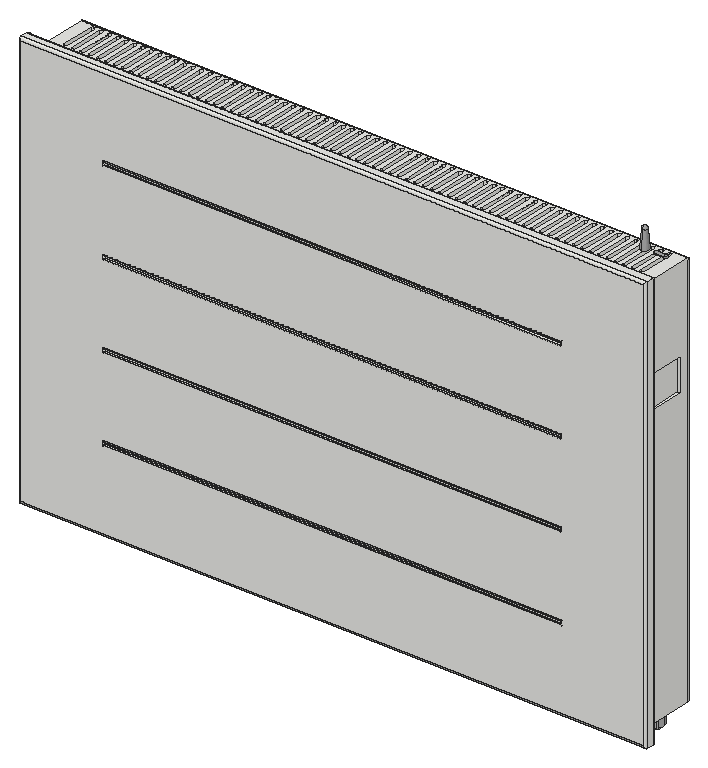
Revit family "SUBLIME RF_0750", category Generic Models, Revit 2018 (continued)
Automatic sketch dimensions
  Extrusion 70 sketch curve to Extrusion 70 sketch curve = 40 mm
  Extrusion 71 sketch curve to Extrusion 71 sketch curve = 2.5 mm
  Extrusion 71 sketch curve to Extrusion 71 sketch curve = 40 mm
  Extrusion 72 sketch curve to Extrusion 72 sketch curve = 2.5 mm
  Extrusion 72 sketch curve to Extrusion 72 sketch curve = 40 mm
  Extrusion 73 sketch curve to Extrusion 73 sketch curve = 2.5 mm
  Extrusion 73 sketch curve to Extrusion 73 sketch curve = 40 mm
  Extrusion 74 sketch curve to Extrusion 74 sketch curve = 2.5 mm
  Extrusion 74 sketch curve to Extrusion 74 sketch curve = 40 mm
  Extrusion 75 sketch curve to Extrusion 75 sketch curve = 2.5 mm
  Extrusion 75 sketch curve to Extrusion 75 sketch curve = 40 mm
  Extrusion 76 sketch curve to Extrusion 76 sketch curve = 2.5 mm
  Extrusion 76 sketch curve to Extrusion 76 sketch curve = 40 mm
  Extrusion 77 sketch curve to Extrusion 77 sketch curve = 2.5 mm
  Extrusion 77 sketch curve to Extrusion 77 sketch curve = 40 mm
  Extrusion 78 sketch curve to Extrusion 78 sketch curve = 2.5 mm
  Extrusion 78 sketch curve to Extrusion 78 sketch curve = 40 mm
  Extrusion 79 sketch curve to Extrusion 79 sketch curve = 2.5 mm
  Extrusion 79 sketch curve to Extrusion 79 sketch curve = 40 mm
  Extrusion 80 sketch curve to Extrusion 80 sketch curve = 2.5 mm
  Extrusion 80 sketch curve to Extrusion 80 sketch curve = 40 mm
  Extrusion 81 sketch curve to Extrusion 81 sketch curve = 2.5 mm
  Extrusion 81 sketch curve to Extrusion 81 sketch curve = 40 mm
  Extrusion 82 sketch curve to Extrusion 82 sketch curve = 2.5 mm
  Extrusion 82 sketch curve to Extrusion 82 sketch curve = 40 mm
  Extrusion 83 sketch curve to Extrusion 83 sketch curve = 2.5 mm
  Extrusion 83 sketch curve to Extrusion 83 sketch curve = 40 mm
  Extrusion 84 sketch curve to Extrusion 84 sketch curve = 2.5 mm
  Extrusion 84 sketch curve to Extrusion 84 sketch curve = 40 mm
  Extrusion 85 sketch curve to Extrusion 85 sketch curve = 2.5 mm
  Extrusion 85 sketch curve to Extrusion 85 sketch curve = 40 mm
  Extrusion 86 sketch curve to Extrusion 86 sketch curve = 2.5 mm
  Extrusion 86 sketch curve to Extrusion 86 sketch curve = 40 mm
  Extrusion 87 sketch curve to Extrusion 87 sketch curve = 2.5 mm
  Extrusion 87 sketch curve to Extrusion 87 sketch curve = 40 mm
  Extrusion 88 sketch curve to Extrusion 88 sketch curve = 2.5 mm
  Extrusion 88 sketch curve to Extrusion 88 sketch curve = 40 mm
  Extrusion 89 sketch curve to Extrusion 89 sketch curve = 2.5 mm
  Extrusion 89 sketch curve to Extrusion 89 sketch curve = 40 mm
  Extrusion 90 sketch curve to Extrusion 90 sketch curve = 2.5 mm
  Extrusion 90 sketch curve to Extrusion 90 sketch curve = 40 mm
  Extrusion 91 sketch curve to Extrusion 91 sketch curve = 2.5 mm
  Extrusion 91 sketch curve to Extrusion 91 sketch curve = 40 mm
  Extrusion 92 sketch curve to Extrusion 92 sketch curve = 2.5 mm
  Extrusion 92 sketch curve to Extrusion 92 sketch curve = 40 mm
  Extrusion 93 sketch curve to Extrusion 93 sketch curve = 2.5 mm
  Extrusion 93 sketch curve to Extrusion 93 sketch curve = 40 mm
  Extrusion 94 sketch curve to Extrusion 94 sketch curve = 2.5 mm
  Extrusion 94 sketch curve to Extrusion 94 sketch curve = 40 mm
  Extrusion 95 sketch curve to Extrusion 95 sketch curve = 2.5 mm
  Extrusion 95 sketch curve to Extrusion 95 sketch curve = 40 mm
  Extrusion 96 sketch curve to Extrusion 96 sketch curve = 2.5 mm
  Extrusion 96 sketch curve to Extrusion 96 sketch curve = 40 mm
  Extrusion 97 sketch curve to Extrusion 97 sketch curve = 2.5 mm
  Extrusion 97 sketch curve to Extrusion 97 sketch curve = 40 mm
  Extrusion 98 sketch curve to Extrusion 98 sketch curve = 2.5 mm
  Extrusion 98 sketch curve to Extrusion 98 sketch curve = 40 mm
  Extrusion 99 sketch curve to Extrusion 99 sketch curve = 2.5 mm
  Extrusion 99 sketch curve to Extrusion 99 sketch curve = 40 mm
  Extrusion 100 sketch curve to Extrusion 100 sketch curve = 2.5 mm
  Extrusion 100 sketch curve to Extrusion 100 sketch curve = 40 mm
  Extrusion 101 sketch curve to Extrusion 101 sketch curve = 2.5 mm
  Extrusion 101 sketch curve to Extrusion 101 sketch curve = 40 mm
  Extrusion 102 sketch curve to Extrusion 102 sketch curve = 2.5 mm
  Extrusion 102 sketch curve to Extrusion 102 sketch curve = 40 mm
  Extrusion 30 sketch curve to Extrusion 30 sketch curve = 21.5 mm
  Extrusion 103 sketch curve to Extrusion 103 sketch curve = 2.5 mm
  Extrusion 103 sketch curve to Extrusion 103 sketch curve = 20 mm
  Extrusion 104 sketch curve to Extrusion 104 sketch curve = 2.5 mm
  Extrusion 104 sketch curve to Extrusion 104 sketch curve = 21.5 mm
  Extrusion 105 sketch curve to Extrusion 105 sketch curve = 2.5 mm
  Extrusion 105 sketch curve to Extrusion 105 sketch curve = 20 mm
  Extrusion 106 sketch curve to Extrusion 106 sketch curve = 2.5 mm
  Extrusion 106 sketch curve to Extrusion 106 sketch curve = 21.5 mm
  Extrusion 107 sketch curve to Extrusion 107 sketch curve = 2.5 mm
  Extrusion 107 sketch curve to Extrusion 107 sketch curve = 20 mm
  Extrusion 108 sketch curve to Extrusion 108 sketch curve = 2.5 mm
  Extrusion 108 sketch curve to Extrusion 108 sketch curve = 21.5 mm
  Extrusion 109 sketch curve to Extrusion 109 sketch curve = 2.5 mm
  Extrusion 109 sketch curve to Extrusion 109 sketch curve = 20 mm
  Extrusion 110 sketch curve to Extrusion 110 sketch curve = 2.5 mm
  Extrusion 110 sketch curve to Extrusion 110 sketch curve = 21.5 mm
  Extrusion 111 sketch curve to Extrusion 111 sketch curve = 2.5 mm
  Extrusion 111 sketch curve to Extrusion 111 sketch curve = 20 mm
  Extrusion 112 sketch curve to Extrusion 112 sketch curve = 2.5 mm
  Extrusion 112 sketch curve to Extrusion 112 sketch curve = 21.5 mm
  Extrusion 113 sketch curve to Extrusion 113 sketch curve = 2.5 mm
  Extrusion 113 sketch curve to Extrusion 113 sketch curve = 20 mm
  Extrusion 114 sketch curve to Extrusion 114 sketch curve = 2.5 mm
  Extrusion 114 sketch curve to Extrusion 114 sketch curve = 21.5 mm
  Extrusion 115 sketch curve to Extrusion 115 sketch curve = 2.5 mm
  Extrusion 115 sketch curve to Extrusion 115 sketch curve = 20 mm
  Extrusion 116 sketch curve to Extrusion 116 sketch curve = 2.5 mm
  Extrusion 116 sketch curve to Extrusion 116 sketch curve = 21.5 mm
  Extrusion 117 sketch curve to Extrusion 117 sketch curve = 2.5 mm
  Extrusion 117 sketch curve to Extrusion 117 sketch curve = 20 mm
  Extrusion 118 sketch curve to Extrusion 118 sketch curve = 2.5 mm
  Extrusion 118 sketch curve to Extrusion 118 sketch curve = 21.5 mm
  Extrusion 119 sketch curve to Extrusion 119 sketch curve = 2.5 mm
  Extrusion 119 sketch curve to Extrusion 119 sketch curve = 20 mm
  Extrusion 120 sketch curve to Extrusion 120 sketch curve = 2.5 mm
  Extrusion 120 sketch curve to Extrusion 120 sketch curve = 21.5 mm
  Extrusion 121 sketch curve to Extrusion 121 sketch curve = 2.5 mm
  Extrusion 121 sketch curve to Extrusion 121 sketch curve = 20 mm
  Extrusion 122 sketch curve to Extrusion 122 sketch curve = 2.5 mm
  Extrusion 122 sketch curve to Extrusion 122 sketch curve = 21.5 mm
  Extrusion 123 sketch curve to Extrusion 123 sketch curve = 2.5 mm
  Extrusion 123 sketch curve to Extrusion 123 sketch curve = 20 mm
  Extrusion 124 sketch curve to Extrusion 124 sketch curve = 2.5 mm
  Extrusion 124 sketch curve to Extrusion 124 sketch curve = 21.5 mm
  Extrusion 125 sketch curve to Extrusion 125 sketch curve = 2.5 mm
  Extrusion 125 sketch curve to Extrusion 125 sketch curve = 20 mm
  Extrusion 126 sketch curve to Extrusion 126 sketch curve = 2.5 mm
  Extrusion 126 sketch curve to Extrusion 126 sketch curve = 21.5 mm
  Extrusion 127 sketch curve to Extrusion 127 sketch curve = 2.5 mm
  Extrusion 127 sketch curve to Extrusion 127 sketch curve = 20 mm
  Extrusion 128 sketch curve to Extrusion 128 sketch curve = 2.5 mm
  Extrusion 128 sketch curve to Extrusion 128 sketch curve = 21.5 mm
  Extrusion 129 sketch curve to Extrusion 129 sketch curve = 2.5 mm
  Extrusion 129 sketch curve to Extrusion 129 sketch curve = 20 mm
  Extrusion 130 sketch curve to Extrusion 130 sketch curve = 2.5 mm
  Extrusion 130 sketch curve to Extrusion 130 sketch curve = 21.5 mm
  Extrusion 131 sketch curve to Extrusion 131 sketch curve = 2.5 mm
  Extrusion 131 sketch curve to Extrusion 131 sketch curve = 20 mm
  Extrusion 132 sketch curve to Extrusion 132 sketch curve = 2.5 mm
  Extrusion 132 sketch curve to Extrusion 132 sketch curve = 21.5 mm
  Extrusion 133 sketch curve to Extrusion 133 sketch curve = 2.5 mm
  Extrusion 133 sketch curve to Extrusion 133 sketch curve = 20 mm
  Extrusion 134 sketch curve to Extrusion 134 sketch curve = 2.5 mm
  Extrusion 134 sketch curve to Extrusion 134 sketch curve = 21.5 mm
  Extrusion 135 sketch curve to Extrusion 135 sketch curve = 2.5 mm
  Extrusion 135 sketch curve to Extrusion 135 sketch curve = 20 mm
  Extrusion 136 sketch curve to Extrusion 136 sketch curve = 2.5 mm
  Extrusion 136 sketch curve to Extrusion 136 sketch curve = 21.5 mm
  Extrusion 137 sketch curve to Extrusion 137 sketch curve = 2.5 mm
  Extrusion 137 sketch curve to Extrusion 137 sketch curve = 20 mm
  Extrusion 138 sketch curve to Extrusion 138 sketch curve = 2.5 mm
  Extrusion 138 sketch curve to Extrusion 138 sketch curve = 21.5 mm
  Extrusion 139 sketch curve to Extrusion 139 sketch curve = 2.5 mm
  Extrusion 139 sketch curve to Extrusion 139 sketch curve = 20 mm
  Extrusion 140 sketch curve to Extrusion 140 sketch curve = 2.5 mm
  Extrusion 140 sketch curve to Extrusion 140 sketch curve = 21.5 mm
  Extrusion 141 sketch curve to Extrusion 141 sketch curve = 2.5 mm
  Extrusion 141 sketch curve to Extrusion 141 sketch curve = 20 mm
  Extrusion 142 sketch curve to Extrusion 142 sketch curve = 2.5 mm
  Extrusion 142 sketch curve to Extrusion 142 sketch curve = 21.5 mm
  Extrusion 143 sketch curve to Extrusion 143 sketch curve = 2.5 mm
  Extrusion 143 sketch curve to Extrusion 143 sketch curve = 20 mm
  Extrusion 144 sketch curve to Extrusion 144 sketch curve = 2.5 mm
  Extrusion 144 sketch curve to Extrusion 144 sketch curve = 21.5 mm
  Extrusion 145 sketch curve to Extrusion 145 sketch curve = 2.5 mm
  Extrusion 145 sketch curve to Extrusion 145 sketch curve = 20 mm
  Extrusion 146 sketch curve to Extrusion 146 sketch curve = 2.5 mm
  Extrusion 146 sketch curve to Extrusion 146 sketch curve = 21.5 mm
  Extrusion 147 sketch curve to Extrusion 147 sketch curve = 2.5 mm
  Extrusion 147 sketch curve to Extrusion 147 sketch curve = 20 mm
  Extrusion 148 sketch curve to Extrusion 148 sketch curve = 2.5 mm
  Extrusion 148 sketch curve to Extrusion 148 sketch curve = 21.5 mm
  Extrusion 26 sketch curve to Extrusion 26 sketch curve = 21.5 mm
  Extrusion 149 sketch curve to Extrusion 149 sketch curve = 2.5 mm
  Extrusion 149 sketch curve to Extrusion 149 sketch curve = 20 mm
  Extrusion 150 sketch curve to Extrusion 150 sketch curve = 2.5 mm
  Extrusion 150 sketch curve to Extrusion 150 sketch curve = 21.5 mm
  Extrusion 151 sketch curve to Extrusion 151 sketch curve = 2.5 mm
  Extrusion 151 sketch curve to Extrusion 151 sketch curve = 20 mm
  Extrusion 152 sketch curve to Extrusion 152 sketch curve = 2.5 mm
  Extrusion 152 sketch curve to Extrusion 152 sketch curve = 21.5 mm
  Extrusion 153 sketch curve to Extrusion 153 sketch curve = 2.5 mm
  Extrusion 153 sketch curve to Extrusion 153 sketch curve = 20 mm
  Extrusion 154 sketch curve to Extrusion 154 sketch curve = 2.5 mm
  Extrusion 154 sketch curve to Extrusion 154 sketch curve = 21.5 mm
  Extrusion 155 sketch curve to Extrusion 155 sketch curve = 2.5 mm
  Extrusion 155 sketch curve to Extrusion 155 sketch curve = 20 mm
  Extrusion 156 sketch curve to Extrusion 156 sketch curve = 2.5 mm
  Extrusion 156 sketch curve to Extrusion 156 sketch curve = 21.5 mm
  Extrusion 157 sketch curve to Extrusion 157 sketch curve = 2.5 mm
  Extrusion 157 sketch curve to Extrusion 157 sketch curve = 20 mm
  Extrusion 158 sketch curve to Extrusion 158 sketch curve = 2.5 mm
  Extrusion 158 sketch curve to Extrusion 158 sketch curve = 21.5 mm
  Extrusion 159 sketch curve to Extrusion 159 sketch curve = 2.5 mm
  Extrusion 159 sketch curve to Extrusion 159 sketch curve = 20 mm
  Extrusion 160 sketch curve to Extrusion 160 sketch curve = 2.5 mm
  Extrusion 160 sketch curve to Extrusion 160 sketch curve = 21.5 mm
  Extrusion 161 sketch curve to Extrusion 161 sketch curve = 2.5 mm
  Extrusion 161 sketch curve to Extrusion 161 sketch curve = 20 mm
  Extrusion 162 sketch curve to Extrusion 162 sketch curve = 2.5 mm
  Extrusion 162 sketch curve to Extrusion 162 sketch curve = 21.5 mm
  Extrusion 163 sketch curve to Extrusion 163 sketch curve = 2.5 mm
  Extrusion 163 sketch curve to Extrusion 163 sketch curve = 20 mm
  Extrusion 164 sketch curve to Extrusion 164 sketch curve = 2.5 mm
  Extrusion 164 sketch curve to Extrusion 164 sketch curve = 21.5 mm
  Extrusion 165 sketch curve to Extrusion 165 sketch curve = 2.5 mm
  Extrusion 165 sketch curve to Extrusion 165 sketch curve = 20 mm
  Extrusion 166 sketch curve to Extrusion 166 sketch curve = 2.5 mm
  Extrusion 166 sketch curve to Extrusion 166 sketch curve = 21.5 mm
  Extrusion 167 sketch curve to Extrusion 167 sketch curve = 2.5 mm
  Extrusion 167 sketch curve to Extrusion 167 sketch curve = 20 mm
  Extrusion 168 sketch curve to Extrusion 168 sketch curve = 2.5 mm
  Extrusion 168 sketch curve to Extrusion 168 sketch curve = 21.5 mm
  Extrusion 169 sketch curve to Extrusion 169 sketch curve = 2.5 mm
  Extrusion 169 sketch curve to Extrusion 169 sketch curve = 20 mm
  Extrusion 170 sketch curve to Extrusion 170 sketch curve = 2.5 mm
  Extrusion 170 sketch curve to Extrusion 170 sketch curve = 21.5 mm
  Extrusion 171 sketch curve to Extrusion 171 sketch curve = 2.5 mm
  Extrusion 171 sketch curve to Extrusion 171 sketch curve = 20 mm
  Extrusion 172 sketch curve to Extrusion 172 sketch curve = 2.5 mm
  Extrusion 172 sketch curve to Extrusion 172 sketch curve = 21.5 mm
  Extrusion 173 sketch curve to Extrusion 173 sketch curve = 2.5 mm
  Extrusion 173 sketch curve to Extrusion 173 sketch curve = 20 mm
  Extrusion 174 sketch curve to Extrusion 174 sketch curve = 2.5 mm
  Extrusion 174 sketch curve to Extrusion 174 sketch curve = 21.5 mm
  Extrusion 175 sketch curve to Extrusion 175 sketch curve = 2.5 mm
  Extrusion 175 sketch curve to Extrusion 175 sketch curve = 20 mm
  Extrusion 176 sketch curve to Extrusion 176 sketch curve = 2.5 mm
  Extrusion 176 sketch curve to Extrusion 176 sketch curve = 21.5 mm
  Extrusion 177 sketch curve to Extrusion 177 sketch curve = 2.5 mm
  Extrusion 177 sketch curve to Extrusion 177 sketch curve = 20 mm
  Extrusion 178 sketch curve to Extrusion 178 sketch curve = 2.5 mm
  Extrusion 178 sketch curve to Extrusion 178 sketch curve = 21.5 mm
  Extrusion 179 sketch curve to Extrusion 179 sketch curve = 2.5 mm
  Extrusion 179 sketch curve to Extrusion 179 sketch curve = 20 mm
  Extrusion 180 sketch curve to Extrusion 180 sketch curve = 2.5 mm
  Extrusion 180 sketch curve to Extrusion 180 sketch curve = 21.5 mm
  Extrusion 181 sketch curve to Extrusion 181 sketch curve = 2.5 mm
  Extrusion 181 sketch curve to Extrusion 181 sketch curve = 20 mm
  Extrusion 182 sketch curve to Extrusion 182 sketch curve = 2.5 mm
  Extrusion 182 sketch curve to Extrusion 182 sketch curve = 21.5 mm
  Extrusion 183 sketch curve to Extrusion 183 sketch curve = 2.5 mm
  Extrusion 183 sketch curve to Extrusion 183 sketch curve = 20 mm
  Extrusion 184 sketch curve to Extrusion 184 sketch curve = 2.5 mm
  Extrusion 184 sketch curve to Extrusion 184 sketch curve = 21.5 mm
  Extrusion 185 sketch curve to Extrusion 185 sketch curve = 2.5 mm
  Extrusion 185 sketch curve to Extrusion 185 sketch curve = 20 mm
  Extrusion 186 sketch curve to Extrusion 186 sketch curve = 2.5 mm
  Extrusion 186 sketch curve to Extrusion 186 sketch curve = 21.5 mm
  Extrusion 187 sketch curve to Extrusion 187 sketch curve = 2.5 mm
  Extrusion 187 sketch curve to Extrusion 187 sketch curve = 20 mm
  Extrusion 188 sketch curve to Extrusion 188 sketch curve = 2.5 mm
  Extrusion 188 sketch curve to Extrusion 188 sketch curve = 21.5 mm
  Extrusion 189 sketch curve to Extrusion 189 sketch curve = 2.5 mm
  Extrusion 189 sketch curve to Extrusion 189 sketch curve = 20 mm
  Extrusion 190 sketch curve to Extrusion 190 sketch curve = 2.5 mm
  Extrusion 190 sketch curve to Extrusion 190 sketch curve = 21.5 mm
  Extrusion 191 sketch curve to Extrusion 191 sketch curve = 2.5 mm
  Extrusion 191 sketch curve to Extrusion 191 sketch curve = 20 mm
  Extrusion 192 sketch curve to Extrusion 192 sketch curve = 2.5 mm
  Extrusion 192 sketch curve to Extrusion 192 sketch curve = 21.5 mm
  Extrusion 193 sketch curve to Extrusion 193 sketch curve = 2.5 mm
  Extrusion 193 sketch curve to Extrusion 193 sketch curve = 20 mm
  Extrusion 194 sketch curve to Extrusion 194 sketch curve = 2.5 mm
  Extrusion 194 sketch curve to Extrusion 194 sketch curve = 21.5 mm
  Sweep 2 sketch curve to profile plane = 0 mm  (x6)
  Sweep 2 sketch curve to Sweep 2 sketch curve = 2.5 mm  (x2)
  Sweep 2 sketch curve to profile plane = 2.5 mm
  Sweep 2 sketch curve to Sweep 2 sketch curve = 9 mm
  Sweep 2 sketch curve to Sweep 2 sketch curve = 0 mm  (x4)
  Sweep 4 sketch curve to profile plane = 0 mm  (x2)
  profile plane to Sweep 4 sketch curve = 66 mm
  Sweep 4 sketch curve to Sweep 4 sketch curve = 2 mm  (x2)
  Sweep 4 sketch curve to Sweep 4 sketch curve = 0 mm  (x2)
  Blend 5 sketch curve to plane 14 = 1 mm
  Blend 5 sketch curve to Blend 5 sketch curve = 1 mm
  plane 15 to Blend 5 sketch curve = 1 mm  (x2)
  plane 12 to Blend 5 sketch curve = 85 mm
  Blend 5 sketch curve to Blend 5 sketch curve = 4 mm
  Blend 5 sketch curve to plane 14 = 0 mm
  Blend 5 sketch curve to plane 15 = 0 mm
  plane 12 to Blend 5 sketch curve = 87 mm
  Blend 5 sketch curve to Blend 5 sketch curve = 2 mm
  Extrusion 6 sketch curve to plane 13 = 13 mm
  plane 7 to Extrusion 6 sketch curve = 13 mm
  Extrusion 6 sketch curve to plane 10 = 140 mm
  Extrusion 6 sketch curve to Extrusion 6 sketch curve = 40 mm
  Extrusion 7 sketch curve to plane 13 = 15.5 mm
  Extrusion 7 sketch curve to Extrusion 7 sketch curve = 0 mm  (x3)
  Extrusion 7 sketch curve to Extrusion 7 sketch curve = 2.8 mm  (x5)
  Extrusion 7 sketch curve to Extrusion 7 sketch curve = 7.9 mm  (x2)
  Extrusion 7 sketch curve to Extrusion 7 sketch curve = 8 mm  (x2)
  Extrusion 7 sketch curve to plane 10 = 159.5 mm
  Extrusion 7 sketch curve to Extrusion 7 sketch curve = 2.5 mm  (x6)
  Extrusion 7 sketch curve to Extrusion 7 sketch curve = 3.5 mm  (x4)
  Extrusion 8 sketch curve to plane 13 = 13 mm
  plane 7 to Extrusion 8 sketch curve = 13 mm
  Extrusion 8 sketch curve to plane 10 = 140 mm
  Extrusion 8 sketch curve to Extrusion 8 sketch curve = 40 mm
  Extrusion 9 sketch curve to plane 11 = 41 mm
  Extrusion 9 sketch curve to Extrusion 9 sketch curve = 2.5 mm
  Extrusion 9 sketch curve to plane 13 = 18.5 mm
  Extrusion 9 sketch curve to Extrusion 9 sketch curve = 20 mm
  plane 15 to Extrusion 10 sketch curve = 39 mm
  Extrusion 10 sketch curve to Extrusion 10 sketch curve = 2.5 mm
  Extrusion 10 sketch curve to plane 13 = 18.5 mm
  Extrusion 10 sketch curve to Extrusion 10 sketch curve = 20 mm
  plane 15 to Extrusion 11 sketch curve = 29 mm
  Extrusion 11 sketch curve to Extrusion 11 sketch curve = 2.5 mm
  Extrusion 11 sketch curve to plane 13 = 18.5 mm
  Extrusion 11 sketch curve to Extrusion 11 sketch curve = 20 mm
  plane 7 to Extrusion 12 sketch curve = 0 mm
  plane 7 to Extrusion 12 sketch curve = 21.5 mm
  plane 15 to Extrusion 12 sketch curve = 44 mm
  Extrusion 12 sketch curve to Extrusion 12 sketch curve = 2.5 mm
  plane 7 to Extrusion 13 sketch curve = 0 mm
  plane 15 to Extrusion 13 sketch curve = 34 mm
  Extrusion 13 sketch curve to Extrusion 13 sketch curve = 2.5 mm
  plane 7 to Extrusion 13 sketch curve = 21.5 mm
  plane 9 to Extrusion 14 sketch curve = 16 mm
  Extrusion 14 sketch curve to Extrusion 14 sketch curve = 2.5 mm
  Extrusion 14 sketch curve to plane 13 = 18.5 mm
  Extrusion 14 sketch curve to Extrusion 14 sketch curve = 20 mm
  plane 7 to Extrusion 15 sketch curve = 0 mm
  plane 9 to Extrusion 15 sketch curve = 11 mm
  Extrusion 15 sketch curve to Extrusion 15 sketch curve = 2.5 mm
  plane 7 to Extrusion 15 sketch curve = 21.5 mm
  plane 9 to Extrusion 16 sketch curve = 26 mm
  Extrusion 16 sketch curve to Extrusion 16 sketch curve = 2.5 mm
  Extrusion 16 sketch curve to plane 13 = 18.5 mm
  Extrusion 16 sketch curve to Extrusion 16 sketch curve = 20 mm
  plane 7 to Extrusion 17 sketch curve = 0 mm
  plane 9 to Extrusion 17 sketch curve = 21 mm
  Extrusion 17 sketch curve to Extrusion 17 sketch curve = 2.5 mm
  plane 7 to Extrusion 17 sketch curve = 21.5 mm
  plane 9 to Extrusion 18 sketch curve = 36 mm
  Extrusion 18 sketch curve to Extrusion 18 sketch curve = 2.5 mm
  Extrusion 18 sketch curve to plane 13 = 18.5 mm
  Extrusion 18 sketch curve to Extrusion 18 sketch curve = 20 mm
  plane 7 to Extrusion 19 sketch curve = 0 mm
  plane 9 to Extrusion 19 sketch curve = 31 mm
  Extrusion 19 sketch curve to Extrusion 19 sketch curve = 2.5 mm
  plane 7 to Extrusion 19 sketch curve = 21.5 mm
  Extrusion 20 sketch curve to plane 14 = 44 mm
  Extrusion 20 sketch curve to Extrusion 20 sketch curve = 2.5 mm
  Extrusion 20 sketch curve to plane 13 = 18.5 mm
  Extrusion 20 sketch curve to Extrusion 20 sketch curve = 20 mm
  plane 7 to Extrusion 21 sketch curve = 0 mm
  plane 9 to Extrusion 21 sketch curve = 41 mm
  Extrusion 21 sketch curve to Extrusion 21 sketch curve = 2.5 mm
  plane 7 to Extrusion 21 sketch curve = 21.5 mm
  Extrusion 22 sketch curve to plane 14 = 34 mm
  Extrusion 22 sketch curve to Extrusion 22 sketch curve = 2.5 mm
  Extrusion 22 sketch curve to plane 13 = 18.5 mm
  Extrusion 22 sketch curve to Extrusion 22 sketch curve = 20 mm
  plane 7 to Extrusion 23 sketch curve = 0 mm
  Extrusion 23 sketch curve to plane 14 = 39 mm
  Extrusion 23 sketch curve to Extrusion 23 sketch curve = 2.5 mm
  plane 7 to Extrusion 23 sketch curve = 21.5 mm
  Extrusion 25 sketch curve to plane 3 "Center (Left/Right)" = 7.5 mm
  Extrusion 25 sketch curve to Extrusion 25 sketch curve = 2.5 mm
  Extrusion 25 sketch curve to plane 13 = 18.5 mm
  Extrusion 25 sketch curve to Extrusion 25 sketch curve = 20 mm
  plane 3 "Center (Left/Right)" to Extrusion 27 sketch curve = 2.5 mm
  Extrusion 27 sketch curve to Extrusion 27 sketch curve = 2.5 mm
  Extrusion 27 sketch curve to plane 13 = 18.5 mm
  Extrusion 27 sketch curve to Extrusion 27 sketch curve = 20 mm
  plane 7 to Extrusion 28 sketch curve = 0 mm
  Extrusion 28 sketch curve to plane 3 "Center (Left/Right)" = 0 mm
  Extrusion 28 sketch curve to plane 3 "Center (Left/Right)" = 2.5 mm
  plane 7 to Extrusion 28 sketch curve = 21.5 mm
  Extrusion 31 sketch curve to plane 11 = 9 mm
  Extrusion 31 sketch curve to plane 13 = 18 mm
  Revolve 32 sketch curve to plane 12 = 1.5 mm
  Revolve 32 sketch curve to plane 13 = 18 mm
  Revolve 32 sketch curve to Revolve 32 sketch curve = 3 mm
  Revolve 32 sketch curve to level = 8.5 mm
  Revolve 32 sketch curve to Revolve 32 sketch curve = 0 mm
  Revolve 32 sketch curve to Revolve 32 sketch curve = 0.894 mm
  Revolve 32 sketch curve to Revolve 32 sketch curve = 3.899 mm
  Blend 195 sketch curve to plane 14 = 1 mm
  Blend 195 sketch curve to Blend 195 sketch curve = 1 mm
  plane 15 to Blend 195 sketch curve = 1 mm  (x2)
  plane 12 to Blend 195 sketch curve = 185 mm
  Blend 195 sketch curve to Blend 195 sketch curve = 4 mm
  Blend 195 sketch curve to plane 14 = 0 mm
  Blend 195 sketch curve to plane 15 = 0 mm
  plane 12 to Blend 195 sketch curve = 187 mm
  Blend 195 sketch curve to Blend 195 sketch curve = 2 mm
  Blend 196 sketch curve to plane 14 = 1 mm
  Blend 196 sketch curve to Blend 196 sketch curve = 1 mm
  plane 15 to Blend 196 sketch curve = 1 mm  (x2)
  Blend 196 sketch curve to plane 10 = 191 mm
  Blend 196 sketch curve to Blend 196 sketch curve = 4 mm
  Blend 196 sketch curve to plane 14 = 0 mm
  Blend 196 sketch curve to plane 15 = 0 mm
  Blend 196 sketch curve to plane 10 = 189 mm
  Blend 196 sketch curve to Blend 196 sketch curve = 2 mm
  Blend 197 sketch curve to plane 14 = 1 mm
  Blend 197 sketch curve to Blend 197 sketch curve = 1 mm
  plane 15 to Blend 197 sketch curve = 1 mm  (x2)
  Blend 197 sketch curve to plane 10 = 91 mm
  Blend 197 sketch curve to Blend 197 sketch curve = 4 mm
  Blend 197 sketch curve to plane 14 = 0 mm
  Blend 197 sketch curve to plane 15 = 0 mm
  Blend 197 sketch curve to plane 10 = 89 mm
  Blend 197 sketch curve to Blend 197 sketch curve = 2 mm
  radius of Extrusion 31 sketch curve = 7 mm
Nested families
  nested 1: "Beugel_740" at (0, 0, -8), visible <- "Beugel breed", type "Beugel_740"
  nested 2: "Aansluiting 1" at (342, -42, -9) x (0.866, -0.5, 0) z (0, 0, 1), type "Aansluiting 1"
  nested 3: "Beugel_444" at (0, 0, -8), visible <- "Beugel smal", type "Beugel_444"
  nested 4: "RF antenne" at (336, -28, 488), visible <- "RF model", type "RF antenne"
  nested 5: "SMART Thermostaat" at (329, -48, 8) x (0, 1, 0) z (0, 0, 1), visible <- "Wifi paneel", type "SMART Thermostaat"
Connectors
  electrical at (342, -42, -4), driven by "Voltage", driven by "Power (default)", driven by "Phase"
    settings: on nested 2, index 1, voltage 230 V, apparent load 750 VA, apparent load phase1 0 VA, apparent load phase2 0 VA, apparent load phase3 0 VA, power factor 1, load classification "Other", number of poles 1, system type 30, power factor state 1, is connector primary yes, connector utility no, sub classification motor no, connector description ""
Definition of nested family "Beugel_740"
  Parameters (values of type "Beugel_740")
    Metaal = none
  Reference planes
    plane 1 "Center (Front/Back)": y = 0
    plane 2: z = 0
    plane 3 "Center (Left/Right)": x = 0
    plane 4: z = 402
    plane 5: z = 412
    plane 6: z = 32
    plane 7: x = -349
    plane 8: x = 349
    plane 9: z = 367
    plane 10: x = -22
    plane 11: x = 22
    plane 12: x = -370
    plane 13: x = 370
    plane 14: y = -15
  Forms (mm)
    Extrusion 1, solid, material <- "Metaal"
      sketch origin (0, 0, 0) x (1, 0, 0) y (0, 0, 1)
        loop
          line (-349, 412) -> (-349, 402) -> (-370, 402) -> (-370, 367) -> (-22, 367) -> (-22, 32) -> (22, 32) -> (22, 367) -> (370, 367) -> (370, 402) -> (349, 402) -> (349, 412) -> (-349, 412)
        loop
          arc (-3, 51) -> (0, 42) -> (3, 51) r 5
          line (3, 51) -> (3, 62)
          arc (3, 62) -> (0, 65) -> (-3, 62) r 3
          line (-3, 62) -> (-3, 51)
        loop
          arc (-358, 381) -> (-355, 372) -> (-352, 381) r 5
          line (-352, 381) -> (-352, 392)
          arc (-352, 392) -> (-355, 395) -> (-358, 392) r 3
          line (-358, 392) -> (-358, 381)
        loop
          arc (352, 381) -> (355, 372) -> (358, 381) r 5
          line (358, 381) -> (358, 392)
          arc (358, 392) -> (355, 395) -> (352, 392) r 3
          line (352, 392) -> (352, 381)
      from 0 to 15
    Extrusion 2, void
      sketch origin (0, -50.5, 0) x (0, 1, 0) y (0, 0, 1)
        loop
          line (50.5, 412) -> (44.5, 412) -> (50.5, 402) -> (50.5, 412)
      from -349 to 349
    Extrusion 3, void
      sketch origin (0, -50.5, 0) x (0, 1, 0) y (0, 0, 1)
        loop
          line (35.5, 412) -> (35.5, 32.8) -> (49.7, 32.8) -> (49.7, 401.778) -> (43.567, 412) -> (35.5, 412)
      from -369.2 to 369.2
  Cuts and joins
    Extrusion 2, Extrusion 3 cuts Extrusion 1
  Dimensions and locks
    aligned and locked: level to plane 2
Definition of nested family "Aansluiting 1"
  Parameters (values of type "Aansluiting 1")
    Licht grijs = none
  Reference planes
    plane 1 "Center (Front/Back)": y = 0
    plane 2: z = 0
    plane 3 "Center (Left/Right)": x = 0
    plane 4: z = 21
  Forms (mm)
    Extrusion 1, solid, material <- "Licht grijs"
      sketch origin (0, 0, 0) x (1, 0, 0) y (0, 1, 0)
        loop
          line (-6.321, 9.053) -> (-11, 0.947) -> (-11, -0.947) -> (-6.321, -9.053) -> (-4.679, -10) -> (4.679, -10) -> (6.321, -9.053) -> (11, -0.947) -> (11, 0.947) -> (6.321, 9.053) -> (4.679, 10) -> (-4.679, 10) -> (-6.321, 9.053)
      from 16 to 21
    Extrusion 2, solid, material <- "Licht grijs"
      sketch origin (0, 0, 0) x (1, 0, 0) y (0, 1, 0)
        loop
          circle (0, 0) r 7
      from 14 to 16
    Extrusion 3, solid, material <- "Licht grijs"
      sketch origin (0, 0, 0) x (1, 0, 0) y (0, 1, 0)
        loop
          line (-6.321, 9.053) -> (-11, 0.947) -> (-11, -0.947) -> (-6.321, -9.053) -> (-4.679, -10) -> (4.679, -10) -> (6.321, -9.053) -> (11, -0.947) -> (11, 0.947) -> (6.321, 9.053) -> (4.679, 10) -> (-4.679, 10) -> (-6.321, 9.053)
      from -0.5 to 14
    Revolve 4, void
      sketch origin (0, 0, 0) x (1, 0, 0) y (0, 0, 1)
        loop
          line (-5.547, 0.004) -> (-6.347, 0.004)
          arc (-6.347, 0.004) -> (-10.354, 1.435) -> (-12.547, 5.081) r 6.324
          line (-12.547, 5.081) -> (-12.547, -1) -> (0, -1) -> (0, 5) -> (-5.547, 5) -> (-5.547, 0.004)
        axis (0, 5.081) -> (0, -1)
      angle from 0 to 360
  Cuts and joins
    Revolve 4 cuts Extrusion 3
  Dimensions and locks
    aligned and locked: level to plane 2
Definition of nested family "Beugel_444"
  Parameters (values of type "Beugel_444")
    Zwart = none
    Colour = none
    Scherm = none
    Metaal = none
    Licht grijs = none
    Diepte = 71 mm
    Hoogte = 440 mm
    Breedte = 750 mm
  Reference planes
    plane 1 "Center (Front/Back)": y = 0
    plane 2: z = 0
    plane 3 "Center (Left/Right)": x = 0
    plane 4: z = 440
    plane 5: z = 402
    plane 6: z = 412
    plane 7: x = -222
    plane 8: x = 222
    plane 9: z = 32
    plane 10: x = -201
    plane 11: x = 201
    plane 12: z = 367
    plane 13: x = -22
    plane 14: x = 22
    plane 15: y = -15
  Forms (mm)
    Extrusion 1, solid, material <- "Metaal"
      sketch origin (0, 0, 0) x (1, 0, 0) y (0, 0, 1)
        loop
          line (-201, 412) -> (-201, 402) -> (-222, 402) -> (-222, 367) -> (-22, 367) -> (-22, 32) -> (22, 32) -> (22, 367) -> (222, 367) -> (222, 402) -> (201, 402) -> (201, 412) -> (-201, 412)
        loop
          arc (-3, 51) -> (0, 42) -> (3, 51) r 5
          line (3, 51) -> (3, 62)
          arc (3, 62) -> (0, 65) -> (-3, 62) r 3
          line (-3, 62) -> (-3, 51)
        loop
          arc (-210, 381) -> (-207, 372) -> (-204, 381) r 5
          line (-204, 381) -> (-204, 392)
          arc (-204, 392) -> (-207, 395) -> (-210, 392) r 3
          line (-210, 392) -> (-210, 381)
        loop
          arc (204, 381) -> (207, 372) -> (210, 381) r 5
          line (210, 381) -> (210, 392)
          arc (210, 392) -> (207, 395) -> (204, 392) r 3
          line (204, 392) -> (204, 381)
      from 0 to 15
    Extrusion 2, void
      sketch origin (0, -50.5, 0) x (0, 1, 0) y (0, 0, 1)
        loop
          line (50.5, 412) -> (44.5, 412) -> (50.5, 402) -> (50.5, 412)
      from -201 to 201
    Extrusion 3, void
      sketch origin (0, -50.5, 0) x (0, 1, 0) y (0, 0, 1)
        loop
          line (35.5, 412) -> (35.5, 32.8) -> (49.7, 32.8) -> (49.7, 401.778) -> (43.567, 412) -> (35.5, 412)
      from -221.2 to 221.2
  Cuts and joins
    Extrusion 2, Extrusion 3 cuts Extrusion 1
  Dimensions and locks
    "Hoogte": plane 4 to level
    aligned and locked: level to plane 2
  Automatic sketch dimensions
    Extrusion 1 sketch curve to plane 7 = 0 mm
    Extrusion 1 sketch curve to plane 6 = 0 mm
    Extrusion 1 sketch curve to plane 10 = 0 mm
    Extrusion 1 sketch curve to plane 9 = 0 mm
    Extrusion 1 sketch curve to plane 13 = 0 mm
    Extrusion 1 sketch curve to plane 3 "Center (Left/Right)" = 0 mm  (x2)
    Extrusion 1 sketch curve to plane 14 = 0 mm
    Extrusion 1 sketch curve to plane 11 = 0 mm
    Extrusion 1 sketch curve to plane 8 = 0 mm
    Extrusion 1 sketch curve to plane 12 = 0 mm  (x2)
    Extrusion 1 sketch curve to plane 5 = 0 mm  (x2)
    Extrusion 1 sketch curve to plane 10 = 9 mm
    Extrusion 1 sketch curve to Extrusion 1 sketch curve = 3 mm  (x3)
    Extrusion 1 sketch curve to plane 3 "Center (Left/Right)" = 3 mm
    Extrusion 1 sketch curve to plane 8 = 18 mm
    Extrusion 1 sketch curve to plane 8 = 15 mm
    plane 9 to Extrusion 1 sketch curve = 15 mm
    Extrusion 1 sketch curve to Extrusion 1 sketch curve = 4 mm  (x3)
    Extrusion 1 sketch curve to Extrusion 1 sketch curve = 11 mm
    plane 12 to Extrusion 1 sketch curve = 10 mm  (x2)
    Extrusion 1 sketch curve to plane 5 = 10 mm  (x2)
    Extrusion 2 sketch curve to plane 5 = 0 mm
    Extrusion 2 sketch curve to plane 6 = 0 mm
    Extrusion 2 sketch curve to Extrusion 2 sketch curve = 6 mm
    Extrusion 3 sketch curve to plane 5 = 0.222 mm
    plane 9 to Extrusion 3 sketch curve = 0.8 mm
    Extrusion 3 sketch curve to plane 6 = 0 mm
    plane 1 "Center (Front/Back)" to Extrusion 2 sketch curve = 6 mm
    plane 1 "Center (Front/Back)" to Extrusion 3 sketch curve = 15 mm
    Extrusion 3 sketch curve to Extrusion 3 sketch curve = 8.067 mm
    Extrusion 3 sketch curve to Extrusion 3 sketch curve = 6.133 mm
Definition of nested family "RF antenne"
  Reference planes
    plane 1 "Center (Front/Back)": y = 0
    plane 2: z = 0
    plane 3 "Center (Left/Right)": x = 0
    plane 4: x = 11.5
    plane 5: x = -4.5
    plane 6: x = -20.5
    plane 7: x = -11.5
    plane 8: x = -16
  Forms (mm)
    Extrusion 1, solid
      sketch origin (-479.908, -22.5, 0) x (1, 0, 0) y (0, 1, 0)
        loop
          line (477.908, 20) -> (488.908, 20)
          arc (488.908, 20) -> (491.408, 22.5) -> (488.908, 25) r 2.5
          line (488.908, 25) -> (477.908, 25)
          arc (477.908, 25) -> (475.408, 22.5) -> (477.908, 20) r 2.5
      from 0 to 1
    Revolve 2, solid
      sketch origin (-16, -22.5, -431.5) x (0, 1, 0) y (0, 0, 1)
        loop
          line (22.5, 431.5) -> (22.5, 456.5)
          arc (22.5, 456.5) -> (20.438, 455.562) -> (19.5, 453.5) r 3.227
          line (19.5, 453.5) -> (18, 431.5) -> (22.5, 431.5)
        axis (22.5, 431.5) -> (22.5, 456.5)
      angle from 0 to 360
  Dimensions and locks
    aligned and locked: level to plane 2
Definition of nested family "SMART Thermostaat"
  Parameters (values of type "SMART Thermostaat")
    URL = ""
    Model = ""
    Manufacturer = ""
    Kuststof paneel = none
    Scherm = none
    Licht grijs = none
  Reference planes
    plane 1 "Center (Front/Back)": y = 0
    plane 2: z = 0
    plane 3 "Center (Left/Right)": x = 0
    plane 4: y = -35.5
    plane 5: x = 30
    plane 6: x = -30
    plane 7: z = 380
    plane 8: z = 295
    plane 9: z = 356
    plane 10: z = 331
    plane 11: x = -17.5
    plane 12: x = 17.5
  Forms (mm)
    Extrusion 1, solid, material <- "Kuststof paneel"
      sketch origin (-465, 0, 0) x (1, 0, 0) y (0, 0, 1)
        loop
          line (436.2, 378.8) -> (436.2, 296.2) -> (493.8, 296.2) -> (493.8, 378.8) -> (436.2, 378.8)
        loop
          line (446.3, 357.2) -> (446.3, 329.8) -> (483.7, 329.8) -> (483.7, 357.2) -> (446.3, 357.2)
        loop
          circle (471.4, 316) r 5.6
        loop
          circle (458.6, 316) r 5.6
        loop
          circle (445.8, 316) r 5.6
        loop
          circle (484.2, 316) r 5.6
      from 31.5 to 34.5
    Extrusion 2, solid, material <- "Licht grijs"
      sketch origin (-465, 0, 0) x (1, 0, 0) y (0, 0, 1)
        loop
          line (435, 379) -> (435, 296)
          arc (435, 296) -> (435.293, 295.293) -> (436, 295) r 1
          line (436, 295) -> (494, 295)
          arc (494, 295) -> (494.707, 295.293) -> (495, 296) r 1
          line (495, 296) -> (495, 379)
          arc (495, 379) -> (494.707, 379.707) -> (494, 380) r 1
          line (494, 380) -> (436, 380)
          arc (436, 380) -> (435.293, 379.707) -> (435, 379) r 1
        loop
          line (493.8, 378.8) -> (436.2, 378.8) -> (436.2, 296.2) -> (493.8, 296.2) -> (493.8, 378.8)
        loop
          line (446.3, 357.2) -> (446.3, 329.8) -> (483.7, 329.8) -> (483.7, 357.2) -> (446.3, 357.2)
        loop
          circle (445.8, 316) r 5.6
        loop
          circle (445.8, 316) r 5
        loop
          circle (458.6, 316) r 5.6
        loop
          circle (458.6, 316) r 5
        loop
          circle (471.4, 316) r 5.6
        loop
          circle (471.4, 316) r 5
        loop
          circle (484.2, 316) r 5.6
        loop
          circle (484.2, 316) r 5
      from 31.5 to 34.5
    Extrusion 3, void
      sketch origin (-465, 0, 0) x (1, 0, 0) y (0, 0, 1)
        loop
          line (447.5, 356) -> (447.5, 331) -> (482.5, 331) -> (482.5, 356) -> (447.5, 356)
      from 32.5 to 35.5
    Extrusion 4, solid, material <- "Scherm"
      sketch origin (-465, 0, 0) x (1, 0, 0) y (0, 0, 1)
        loop
          line (447.5, 356) -> (447.5, 331) -> (482.5, 331) -> (482.5, 356) -> (447.5, 356)
      from 32.5 to 34.5
    Revolve 5, solid, material <- "Kuststof paneel"
      sketch origin (-19.2, 0, 0) x (0, 1, 0) y (0, 0, 1)
        loop
          line (-34.5, 321) -> (-35, 320) -> (-35, 316) -> (-31.5, 316) -> (-31.5, 321) -> (-34.5, 321)
        axis (-31.5, 316) -> (-35, 316)
      angle from 0 to 360
    Revolve 6, solid, material <- "Kuststof paneel"
      sketch origin (-6.4, 0, 0) x (0, 1, 0) y (0, 0, 1)
        loop
          line (-34.5, 321) -> (-35, 320) -> (-35, 316) -> (-31.5, 316) -> (-31.5, 321) -> (-34.5, 321)
        axis (-31.5, 316) -> (-35, 316)
      angle from 0 to 360
    Revolve 7, solid, material <- "Kuststof paneel"
      sketch origin (6.4, 0, 0) x (0, 1, 0) y (0, 0, 1)
        loop
          line (-34.5, 321) -> (-35, 320) -> (-35, 316) -> (-31.5, 316) -> (-31.5, 321) -> (-34.5, 321)
        axis (-31.5, 316) -> (-35, 316)
      angle from 0 to 360
    Revolve 8, solid, material <- "Kuststof paneel"
      sketch origin (19.2, 0, 0) x (0, 1, 0) y (0, 0, 1)
        loop
          line (-34.5, 321) -> (-35, 320) -> (-35, 316) -> (-31.5, 316) -> (-31.5, 321) -> (-34.5, 321)
        axis (-31.5, 316) -> (-35, 316)
      angle from 0 to 360
  Cuts and joins
    Extrusion 3 cuts Extrusion 2
  Dimensions and locks
    aligned and locked: level to plane 2
Types (16, lengths in mm): name | Wifi paneel | RF model | Power (default) | Plus paneel | Model | Breedte | Beugel smal | Beugel breed | Art. No. | Aantal openingen onder | Aantal openingen boven
  (no name) | no | yes | 750 VA | no | "SBL 750 RF" | 750 | yes | no | "429 756 321" | 24 | 35
  Sublime plus_0750 | no | no | 750 VA | yes | "SBL 750 PLUS" | 750 | yes | no | "429 756 311" | 24 | 35
  Sublime plus_1500 | no | no | 1500 VA | yes | "SBL 1500 PLUS" | 1050 | no | yes | "429 756 314" | 39 | 50
  Sublime plus_1000 | no | no | 1000 VA | yes | "SBL 1000 PLUS" | 750 | yes | no | "429 756 312" | 24 | 35
  Sublime plus_1200 | no | no | 1200 VA | yes | "SBL 1200 PLUS" | 750 | yes | no | "429 756 313" | 24 | 35
  Sublime plus_2000 | no | no | 2000 VA | yes | "SBL 2000 PLUS" | 1050 | no | yes | "429 756 315" | 39 | 50
  Sublime RF_2000 | no | yes | 2000 VA | no | "SBL 2000 RF" | 1050 | no | yes | "429 756 325" | 39 | 50
  Sublime RF_0750 | no | yes | 750 VA | no | "SBL 750 RF" | 750 | yes | no | "429 756 321" | 24 | 35
  Sublime RF_1000 | no | yes | 1000 VA | no | "SBL 1000 RF" | 750 | yes | no | "429 756 322" | 24 | 35
  Sublime RF_1200 | no | yes | 1200 VA | no | "SBL 1200 RF" | 750 | yes | no | "429 756 323" | 24 | 35
  Sublime RF_1500 | no | yes | 1500 VA | no | "SBL 1500 RF" | 1050 | no | yes | "429 756 324" | 39 | 50
  Sublime Wifi_2000 | yes | no | 2000 VA | no | "SBL 2000 WIFI" | 1050 | no | yes | "429 756 335" | 39 | 50
  Sublime Wifi_1500 | yes | no | 1500 VA | no | "SBL 1500 WIFI" | 1050 | no | yes | "429 756 334" | 39 | 50
  Sublime Wifi_1200 | yes | no | 1200 VA | no | "SBL 1200 Wifi" | 750 | yes | no | "429 756 333" | 24 | 35
  Sublime Wifi_1000 | yes | no | 1000 VA | no | "SBL 1000 Wifi" | 750 | yes | no | "429 756 332" | 24 | 35
  Sublime Wifi_0750 | yes | no | 750 VA | no | "SBL 750 Wifi" | 750 | yes | no | "429 756 331" | 24 | 35
